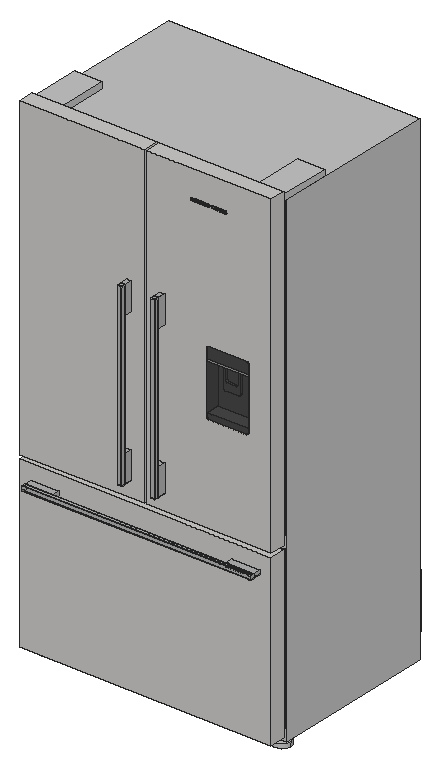
Revit family "FP_Revit_18_RF610ADUSX4_Fridge_90001954A", category Specialty Equipment, Revit 2018 (continued)
Definition of nested family "F&P Handle Kit - Contemporary Round - Vertical"
  Dimensions and locks
    "Handle - Length": plane 4 "Top" to plane 5 "Bottom"
    locked: plane 4 "Top" to plane 6 "Top Standoff" at 120
    locked: plane 7 "Bottom Standoff" to plane 5 "Bottom" at 120
    Extrusion 2 sketch curve to Extrusion 2 sketch curve = 17.4 mm
    Extrusion 3 sketch curve to Extrusion 3 sketch curve = 17.4 mm
    Extrusion 6 sketch curve to Extrusion 6 sketch curve = 17.4 mm
    Extrusion 7 sketch curve to Extrusion 7 sketch curve = 17.4 mm
    aligned and locked: level to plane 2
    aligned and locked: plane 4 "Top" to Extrusion 2
    aligned and locked: Extrusion 3 to plane 5 "Bottom"
    aligned and locked: plane 7 "Bottom Standoff" to Extrusion 3
    aligned and locked: Extrusion 1 to plane 7 "Bottom Standoff"
    aligned and locked: plane 6 "Top Standoff" to Extrusion 1
    aligned and locked: Extrusion 2 to Extrusion 1
    aligned and locked: Extrusion 6 to Extrusion 1
    aligned and locked: plane 4 "Top" to Extrusion 6
    aligned and locked: Extrusion 7 to Extrusion 1
    aligned and locked: Extrusion 7 to plane 5 "Bottom"
  Automatic sketch dimensions
    Extrusion 1 sketch curve to plane 3 "Center (Left/Right)" = 0 mm
    plane 1 "Center (Front/Back)" to Extrusion 1 sketch curve = 32.3 mm
    plane 1 "Center (Front/Back)" to Extrusion 2 sketch curve = 0 mm
    Extrusion 2 sketch curve to plane 3 "Center (Left/Right)" = 0 mm
    Extrusion 2 sketch curve to plane 3 "Center (Left/Right)" = 8.7 mm
    plane 1 "Center (Front/Back)" to Extrusion 2 sketch curve = 32.3 mm
    plane 1 "Center (Front/Back)" to Extrusion 3 sketch curve = 0 mm
    Extrusion 3 sketch curve to plane 3 "Center (Left/Right)" = 0 mm
    Extrusion 3 sketch curve to plane 3 "Center (Left/Right)" = 8.7 mm
    plane 1 "Center (Front/Back)" to Extrusion 3 sketch curve = 32.3 mm
    Sweep 4 sketch curve to profile plane = 0 mm  (x2)
    Sweep 4 sketch curve to profile plane = 1 mm  (x2)
    Sweep 5 sketch curve to profile plane = 0 mm  (x2)
    Sweep 5 sketch curve to profile plane = 1 mm  (x2)
    Extrusion 6 sketch curve to plane 3 "Center (Left/Right)" = 0 mm
    Extrusion 6 sketch curve to plane 3 "Center (Left/Right)" = 8.7 mm
    plane 1 "Center (Front/Back)" to Extrusion 6 sketch curve = 32.3 mm
    Extrusion 6 sketch curve to Extrusion 6 sketch curve = 32.3 mm
    Extrusion 7 sketch curve to plane 3 "Center (Left/Right)" = 0 mm
    Extrusion 7 sketch curve to plane 3 "Center (Left/Right)" = 8.7 mm
    plane 1 "Center (Front/Back)" to Extrusion 7 sketch curve = 32.3 mm
    Extrusion 7 sketch curve to Extrusion 7 sketch curve = 32.3 mm
    radius of Extrusion 1 sketch curve = 8.7 mm
